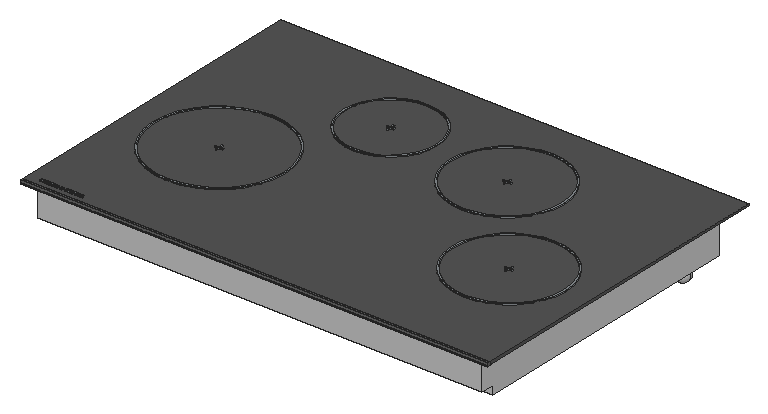
Revit family "FP_Revit_18_CI304DTB4_Cooktop_90000842B", category Specialty Equipment, Revit 2018
Family settings
  Round Connector Dimension = Use Diameter
  Part Type = Normal
  OmniClass Number = 23.40.40.14.17.11
  OmniClass Title = Cookers, Ovens, Stoves
  Work Plane-Based = No
  Always vertical = Yes
  Cut with Voids When Loaded = Yes
  Shared = No
  Room Calculation Point = No
Parameters
  Visibility - Clearance Required = yes
  URL = "www.fisherpaykel.com"
  Product - Width = 759 mm  # constant formula
  Product - Height = 99 mm  # constant formula
  Product - Depth = 530 mm  # constant formula
  Model = "CI304DTB4"
  Material - Trim = Fisher & Paykel - Aluminium, Dark
  Material - Graphics = Fisher & Paykel - Graphics Grey
  Material - Cooktop = Fisher & Paykel - Glass, Black
  Material - Body = Fisher & Paykel - Grey
  Manufacturer = "Fisher & Paykel Appliances"
  FFL Offset [instance] = 915 mm
  Description = "30\" Induction Cooktop"
  Connector Note - Electrical = "208 or 240 V, 28 A or 32 A, 60 Hz,"
  Clearance - Side of cooktop to nearest Combustible Surface = 11.5 mm  # constant formula
  Clearance - Rear of cooktop to nearest Combustible Surface = 8 mm  # constant formula
  Clearance - Overhead Rangehood = 650 mm  # constant formula
  Clearance - Overhead Non-Combustible = 610 mm  # constant formula
  Clearance - Overhead Combustible = 762 mm  # constant formula
  Clearance - Below = 95 mm  # constant formula
  Chassis - Width = 722 mm  # constant formula
  Chassis - Height = 62 mm  # constant formula
  Chassis - Depth = 480 mm  # constant formula
  Cavity - Width = 730 mm  # constant formula
  Cavity - Height = 95 mm  # constant formula
  Cavity - Depth = 490 mm  # constant formula
Reference planes
  plane 1 "Datum": y = 0
  plane 2: z = 0
  plane 3 "Center (Left/Right)": x = 0
  plane 4 "Product LHS": x = -379.5
  plane 5 "Product RHS": x = 379.5
  plane 6 "Product - Depth": y = 530
  plane 7 "Cavity LHS": x = -365
  plane 8 "Cavity RHS": x = 365
  plane 9 "Chassis - Front": y = 12.2
  plane 10 "Cavity - Depth": y = 498.7
  plane 11 "Chassis - Depth": y = 492.2
  plane 12 "Basepan": z = 853
  plane 13 "Countertop": z = 915
  plane 14 "Glass": z = 920
  plane 15 "Cavity - Front": y = 8.7
Forms (mm)
  Extrusion 1, solid, material "Fisher & Paykel - Glass, Black" <- "Material - Cooktop"
    sketch origin (0, 0, 0) x (0, 1, 0) y (0, 0, 1)
      loop
        line (5.299, 920) -> (5.299, 916) -> (530, 916) -> (530, 920) -> (5.299, 920)
    from -379.5 to 379.5
  Extrusion 2, solid, material "Fisher & Paykel - Aluminium, Dark" <- "Material - Trim", detail levels fine
    sketch origin (0, 0, 0) x (0, 1, 0) y (0, 0, 1)
      loop
        line (5.299, 920) -> (0.45, 920) -> (0, 916.5) -> (0, 915) -> (8.39, 915) -> (8.39, 916) -> (5.299, 916) -> (5.299, 920)
    from -379.5 to 379.5
  Extrusion 3, solid, material "Fisher & Paykel - Clearance Required (Cutout)", visible <- "Visibility - Clearance Required", detail levels coarse
    sketch origin (0, 0, 0) x (1, 0, 0) y (0, 1, 0)
      loop
        line (-365, 498.7) -> (-365, 8.7) -> (365, 8.7) -> (365, 498.7) -> (-365, 498.7)
    from 820 to 915
  Extrusion 4, solid, material "Fisher & Paykel - Aluminium, Dark" <- "Material - Trim", detail levels coarse+medium
    sketch origin (0, 0, 0) x (0, 1, 0) y (0, 0, 1)
      loop
        line (5.299, 920) -> (0, 920) -> (0, 915) -> (5.299, 915) -> (5.299, 920)
    from -379.5 to 379.5
  Extrusion 5, solid, material "Fisher & Paykel - Clearance Required (Combustible)", visible <- "Visibility - Clearance Required", detail levels coarse
    sketch origin (0, -0.687, 0) x (1, 0, 0) y (0, 1, 0)
      loop
        line (379.5, 0.687) -> (391, 0.687) -> (391, 538.687) -> (-391, 538.687) -> (-391, 0.687) -> (-379.5, 0.687) -> (-379.5, 530.687) -> (379.5, 530.687) -> (379.5, 0.687)
    from 920 to 1570
  Extrusion 6, solid, material "Fisher & Paykel - Clearance Required (Non-Combustible)", visible <- "Visibility - Clearance Required", detail levels coarse
    sketch origin (0, 0, 0) x (1, 0, 0) y (0, 1, 0)
      loop
        line (-379.5, 0) -> (379.5, 0) -> (379.5, 530) -> (-379.5, 530) -> (-379.5, 0)
    from 920 to 1530
  Extrusion 7, solid, material "Fisher & Paykel - Clearance Required (Rangehood)", visible <- "Visibility - Clearance Required", detail levels coarse
    sketch origin (0, 0, 0) x (1, 0, 0) y (0, 1, 0)
      loop
        line (-379.5, 530) -> (-379.5, 0) -> (379.5, 0) -> (379.5, 530) -> (-379.5, 530)
    from 1530 to 1570
  Extrusion 8, solid, material "Fisher & Paykel - Grey" <- "Material - Body"
    sketch origin (0, 0, 0) x (0, 1, 0) y (0, 0, 1)
      loop
        line (34.2, 865.8) -> (34.2, 853) -> (492.2, 853) -> (492.2, 915) -> (12.2, 915) -> (12.2, 865.8) -> (34.2, 865.8)
    from -361 to 361
  Extrusion 9, solid, material "Fisher & Paykel - Grey" <- "Material - Body"
    sketch origin (0, 0, 0) x (1, 0, 0) y (0, 1, 0)
      loop
        line (-370, 520.2) -> (-370, 8.39) -> (370, 8.39) -> (370, 520.2) -> (-370, 520.2)
    from 915 to 916
  Extrusion 10, solid, material "Fisher & Paykel - Graphics Grey" <- "Material - Graphics", detail levels fine
    sketch origin (0, 0, 0) x (1, 0, 0) y (0, 1, 0)
      loop
        circle (106.166, 381.579) r 92
      loop
        circle (106.166, 381.579) r 89.798
      loop
        circle (248.829, 207.24) r 89.797
      loop
        circle (248.829, 207.24) r 92
      loop
        circle (-234.498, 222.219) r 107
      loop
        circle (-234.498, 222.219) r 104.798
      loop
        circle (-96.947, 399.202) r 75.5
      loop
        circle (-96.947, 399.202) r 73.299
      loop
        line (-95.963, 405.445) -> (-97.931, 405.445) -> (-97.931, 400.279) -> (-103.097, 400.279) -> (-103.097, 398.311) -> (-97.931, 398.311) -> (-97.931, 393.145) -> (-95.963, 393.145) -> (-95.963, 398.311) -> (-90.797, 398.311) -> (-90.797, 400.279) -> (-95.963, 400.279) -> (-95.963, 405.445)
      loop
        line (-233.362, 228.46) -> (-235.33, 228.46) -> (-235.33, 223.293) -> (-240.496, 223.293) -> (-240.496, 221.326) -> (-235.33, 221.326) -> (-235.33, 216.16) -> (-233.362, 216.16) -> (-233.362, 221.326) -> (-228.196, 221.326) -> (-228.196, 223.293) -> (-233.362, 223.293) -> (-233.362, 228.46)
      loop
        line (249.808, 213.28) -> (247.84, 213.28) -> (247.84, 208.114) -> (242.674, 208.114) -> (242.674, 206.146) -> (247.84, 206.146) -> (247.84, 200.98) -> (249.808, 200.98) -> (249.808, 206.146) -> (254.974, 206.146) -> (254.974, 208.114) -> (249.808, 208.114) -> (249.808, 213.28)
      loop
        line (107.238, 387.85) -> (105.27, 387.85) -> (105.27, 382.684) -> (100.104, 382.684) -> (100.104, 380.716) -> (105.27, 380.716) -> (105.27, 375.55) -> (107.238, 375.55) -> (107.238, 380.716) -> (112.404, 380.716) -> (112.404, 382.684) -> (107.238, 382.684) -> (107.238, 387.85)
    from 920 to 921
  Extrusion 11, void
    sketch origin (0, 0, 0) x (1, 0, 0) y (0, 1, 0)
      loop
        line (-365, 498.7) -> (-365, 8.7) -> (365, 8.7) -> (365, 498.7) -> (-365, 498.7)
    from 820 to 915
Text (mm)
  text "Due to ongoing product development, product details are subject to change without notice. \nPlease always refer to www.fisherpaykel.com for the most current product information. \n© Fisher & Paykel 2020" at (41.04, -387.478, 0), in view "Ref. Level (Plan)"
Dimensions and locks
  equal spacing: plane 4 "Product LHS", plane 3 "Center (Left/Right)", plane 5 "Product RHS"
  "Product - Width": plane 4 "Product LHS" to plane 5 "Product RHS"
  equal spacing: plane 7 "Cavity LHS", plane 3 "Center (Left/Right)", plane 8 "Cavity RHS"
  "Cavity - Width": plane 7 "Cavity LHS" to plane 8 "Cavity RHS"
  "Product - Depth": Extrusion 1 to plane 1 "Datum"
  equal spacing: Extrusion 8, plane 3 "Center (Left/Right)", Extrusion 8
  "Chassis - Width": Extrusion 8 to Extrusion 8
  plane 1 "Datum" to plane 9 "Chassis - Front" = 12.2 mm
  "Chassis - Depth": plane 11 "Chassis - Depth" to plane 9 "Chassis - Front"
  equal spacing: Extrusion 9 sketch curve, plane 3 "Center (Left/Right)", Extrusion 9 sketch curve
  plane 4 "Product LHS" to Extrusion 9 sketch curve = 9.5 mm
  locked: plane 14 "Glass" to plane 13 "Countertop" at 5
  "Chassis - Height": plane 13 "Countertop" to plane 12 "Basepan"
  "FFL Offset": plane 13 "Countertop" to level
  locked: plane 14 "Glass" to Extrusion 1 sketch curve at 4
  locked: Extrusion 10 to plane 14 "Glass" at 1
  locked: plane 12 "Basepan" to nested 2 at 13
  locked: nested 1 to plane 14 "Glass" at 0.8
  "Clearance - Overhead Non-Combustible": plane 14 "Glass" to Extrusion 7
  "Clearance - Below": plane 13 "Countertop" to Extrusion 3
  locked: plane 1 "Datum" to plane 15 "Cavity - Front" at 8.7
  "Cavity - Depth": plane 15 "Cavity - Front" to plane 10 "Cavity - Depth"
  "Clearance - Rear of cooktop to nearest Combustible Surface": Extrusion 5 to plane 6 "Product - Depth"
  "Clearance - Side of cooktop to nearest Combustible Surface": Extrusion 5 to plane 4 "Product LHS"
  "Clearance - Side of cooktop to nearest Combustible Surface": plane 5 "Product RHS" to Extrusion 5
  "Clearance - Overhead Rangehood": Extrusion 5 to plane 14 "Glass"
  aligned and locked: level to plane 2
  aligned and locked: Extrusion 1 to plane 5 "Product RHS"
  aligned and locked: Extrusion 1 to plane 4 "Product LHS"
  aligned and locked: Extrusion 2 to plane 5 "Product RHS"
  aligned and locked: Extrusion 7 to Extrusion 6
  aligned and locked: plane 4 "Product LHS" to Extrusion 4
  aligned and locked: Extrusion 4 to plane 5 "Product RHS"
  aligned and locked: Extrusion 4 to Extrusion 1
  aligned and locked: Extrusion 1 to Extrusion 4  (x2)
  aligned and locked: Extrusion 5 sketch curve to plane 5 "Product RHS"
  aligned and locked: plane 10 "Cavity - Depth" to Extrusion 3
  aligned and locked: plane 4 "Product LHS" to Extrusion 2
  aligned and locked: Extrusion 6 to plane 14 "Glass"
  aligned and locked: Extrusion 5 to Extrusion 6
  aligned and locked: plane 13 "Countertop" to Extrusion 3
  aligned and locked: plane 13 "Countertop" to Extrusion 8 sketch curve
  aligned and locked: Extrusion 8 sketch curve to plane 12 "Basepan"
  aligned and locked: Extrusion 1 sketch curve to plane 14 "Glass"
  aligned and locked: Extrusion 9 to Extrusion 1
  aligned and locked: Extrusion 9 to Extrusion 3
  aligned and locked: Extrusion 4 to Extrusion 2
  aligned and locked: Extrusion 2 to Extrusion 1
  aligned and locked: Extrusion 1 to Extrusion 2
  aligned and locked: Extrusion 10 to Extrusion 1
  aligned and locked: Extrusion 2 to Extrusion 3
  aligned and locked: plane 13 "Countertop" to Extrusion 11
  aligned and locked: Extrusion 3 to Extrusion 11
  aligned and locked: Extrusion 5 to Extrusion 7
  aligned and locked: plane 15 "Cavity - Front" to Extrusion 11
  aligned and locked: plane 15 "Cavity - Front" to Extrusion 3
  aligned and locked: Extrusion 5 to plane 6 "Product - Depth"
Automatic sketch dimensions
  Extrusion 1 sketch curve to plane 6 "Product - Depth" = 0 mm
  Extrusion 2 sketch curve to plane 1 "Datum" = 0 mm
  Extrusion 2 sketch curve to plane 14 "Glass" = 0 mm
  Extrusion 2 sketch curve to plane 13 "Countertop" = 0 mm
  Extrusion 2 sketch curve to plane 1 "Datum" = 0.45 mm
  plane 13 "Countertop" to Extrusion 2 sketch curve = 1 mm
  plane 13 "Countertop" to Extrusion 2 sketch curve = 1.5 mm
  Extrusion 3 sketch curve to plane 10 "Cavity - Depth" = 0 mm
  plane 7 "Cavity LHS" to Extrusion 3 sketch curve = 0 mm
  Extrusion 3 sketch curve to plane 8 "Cavity RHS" = 0 mm
  Extrusion 4 sketch curve to plane 1 "Datum" = 0 mm
  Extrusion 4 sketch curve to plane 13 "Countertop" = 0 mm
  Extrusion 4 sketch curve to plane 14 "Glass" = 0 mm
  plane 1 "Datum" to Extrusion 5 sketch curve = 0 mm  (x2)
  Extrusion 5 sketch curve to plane 4 "Product LHS" = 0 mm
  Extrusion 5 sketch curve to plane 6 "Product - Depth" = 0 mm
  plane 4 "Product LHS" to Extrusion 5 sketch curve = 11.5 mm
  Extrusion 5 sketch curve to plane 5 "Product RHS" = 11.5 mm
  plane 6 "Product - Depth" to Extrusion 5 sketch curve = 8 mm
  Extrusion 6 sketch curve to plane 4 "Product LHS" = 0 mm
  Extrusion 6 sketch curve to plane 5 "Product RHS" = 0 mm
  plane 1 "Datum" to Extrusion 6 sketch curve = 0 mm
  Extrusion 6 sketch curve to plane 6 "Product - Depth" = 0 mm
  plane 1 "Datum" to Extrusion 7 sketch curve = 0 mm
  Extrusion 7 sketch curve to plane 4 "Product LHS" = 0 mm
  Extrusion 7 sketch curve to plane 5 "Product RHS" = 0 mm
  Extrusion 7 sketch curve to plane 6 "Product - Depth" = 0 mm
  Extrusion 8 sketch curve to plane 9 "Chassis - Front" = 0 mm
  Extrusion 8 sketch curve to plane 11 "Chassis - Depth" = 0 mm
  Extrusion 8 sketch curve to plane 9 "Chassis - Front" = 22 mm
  plane 12 "Basepan" to Extrusion 8 sketch curve = 12.8 mm
  Extrusion 9 sketch curve to plane 6 "Product - Depth" = 9.8 mm
  Extrusion 10 sketch curve to Extrusion 10 sketch curve = 0 mm  (x16)
  Extrusion 10 sketch curve to plane 7 "Cavity LHS" = 124.504 mm
  Extrusion 10 sketch curve to Extrusion 10 sketch curve = 5.166 mm  (x16)
  Extrusion 10 sketch curve to Extrusion 10 sketch curve = 0.832 mm
  Extrusion 10 sketch curve to Extrusion 10 sketch curve = 1.968 mm  (x9)
  Extrusion 10 sketch curve to plane 3 "Center (Left/Right)" = 103.097 mm
  Extrusion 10 sketch curve to Extrusion 10 sketch curve = 0.984 mm  (x2)
  plane 3 "Center (Left/Right)" to Extrusion 10 sketch curve = 100.104 mm
  Extrusion 10 sketch curve to Extrusion 10 sketch curve = 0.897 mm
  plane 8 "Cavity RHS" to Extrusion 10 sketch curve = 122.326 mm
  Extrusion 10 sketch curve to Extrusion 10 sketch curve = 0.989 mm
  Extrusion 10 sketch curve to Extrusion 10 sketch curve = 0.979 mm
  Extrusion 10 sketch curve to plane 9 "Chassis - Front" = 188.78 mm
  Extrusion 10 sketch curve to Extrusion 10 sketch curve = 1.094 mm
  Extrusion 10 sketch curve to plane 9 "Chassis - Front" = 203.96 mm
  Extrusion 10 sketch curve to Extrusion 10 sketch curve = 0.893 mm
  Extrusion 10 sketch curve to Extrusion 10 sketch curve = 1.075 mm  (x2)
  Extrusion 10 sketch curve to plane 11 "Chassis - Depth" = 116.65 mm
  Extrusion 10 sketch curve to Extrusion 10 sketch curve = 0.863 mm
  Extrusion 10 sketch curve to Extrusion 10 sketch curve = 1.105 mm
  Extrusion 10 sketch curve to plane 11 "Chassis - Depth" = 99.055 mm
  Extrusion 10 sketch curve to Extrusion 10 sketch curve = 0.891 mm
  Extrusion 10 sketch curve to Extrusion 10 sketch curve = 1.077 mm  (x2)
  Extrusion 11 sketch curve to plane 10 "Cavity - Depth" = 0 mm
  plane 7 "Cavity LHS" to Extrusion 11 sketch curve = 0 mm
  Extrusion 11 sketch curve to plane 8 "Cavity RHS" = 0 mm
  Extrusion 1 sketch curve to plane 1 "Datum" = 5.299 mm
  Extrusion 2 sketch curve to Extrusion 2 sketch curve = 4.85 mm
  Extrusion 2 sketch curve to Extrusion 2 sketch curve = 3.09 mm
  plane 9 "Chassis - Front" to Extrusion 3 sketch curve = 3.5 mm
  Extrusion 4 sketch curve to Extrusion 4 sketch curve = 5.299 mm
  plane 9 "Chassis - Front" to Extrusion 9 sketch curve = 3.81 mm
  plane 9 "Chassis - Front" to Extrusion 11 sketch curve = 3.5 mm
  radius of Extrusion 10 sketch curve = 92 mm  (x2)
  radius of Extrusion 10 sketch curve = 89.798 mm
  radius of Extrusion 10 sketch curve = 89.797 mm
  radius of Extrusion 10 sketch curve = 107 mm
  radius of Extrusion 10 sketch curve = 104.798 mm
  radius of Extrusion 10 sketch curve = 75.5 mm
  radius of Extrusion 10 sketch curve = 73.299 mm
Nested families
  nested 1: "F&P Logo 70mm Horizontal" at (-324.001, 14.253, 920), type "F&P Logo 70mm Horizontal"
  nested 2: "F&P Power Connection Cooktop" at (331.113, 457.612, 915), type "F&P Power Connection Cooktop"
Connectors
  electrical at (291.113, 388.531, 832.8), driven by "Connector Note - Electrical"
    settings: on nested 2, index 1, voltage 120 V, apparent load 0 VA, apparent load phase1 0 VA, apparent load phase2 0 VA, apparent load phase3 0 VA, power factor 1, load classification "Other", number of poles 2, system type 30, power factor state 1, is connector primary yes, connector utility no, sub classification motor no, connector description "208 or 240 V, 28 A or 32 A, 60 Hz,"
Definition of nested family "F&P Logo 70mm Horizontal"
  Parameters (values of type "F&P Logo 70mm Horizontal")
    URL = "www.fisherpaykel.com"
    Material - Logo = none
    Manufacturer = "Fisher & Paykel Appliances"
  Reference planes
    plane 1 "Center (Front/Back)": y = 0
    plane 2: z = 0
    plane 3 "Center (Left/Right)": x = 0
  Forms (mm)
    Extrusion 1, solid, material <- "Material - Logo", detail levels fine
      sketch origin (0, 0, 0) x (1, 0, 0) y (0, 1, 0)
        loop
          line (-34.997, -0.356) -> (-33.895, -0.356) -> (-33.895, 1.141) -> (-32.174, 1.141) -> (-32.174, 2.075) -> (-33.895, 2.075) -> (-33.895, 2.943) -> (-32.023, 2.943) -> (-32.023, 3.872) -> (-34.997, 3.872) -> (-34.997, -0.356)
        loop
          line (-29.929, 3.872) -> (-29.929, -0.356) -> (-28.828, -0.356) -> (-28.828, 3.872) -> (-29.929, 3.872)
        loop
          line (-21.473, 3.872) -> (-21.473, -0.356) -> (-20.372, -0.356) -> (-20.372, 1.338) -> (-18.754, 1.338) -> (-18.754, -0.356) -> (-17.652, -0.356) -> (-17.652, 3.872) -> (-18.754, 3.872) -> (-18.754, 2.268) -> (-20.372, 2.268) -> (-20.372, 3.872) -> (-21.473, 3.872)
        loop
          line (-15.301, 3.872) -> (-15.301, -0.356) -> (-12.288, -0.356) -> (-12.288, 0.444) -> (-14.209, 0.444) -> (-14.209, 1.338) -> (-12.453, 1.338) -> (-12.453, 2.268) -> (-14.209, 2.268) -> (-14.209, 3.072) -> (-12.288, 3.072) -> (-12.288, 3.872) -> (-15.301, 3.872)
        loop
          line (32, 3.872) -> (32, -0.356) -> (35.003, -0.356) -> (35.003, 0.574) -> (33.102, 0.574) -> (33.102, 3.872) -> (32, 3.872)
        loop
          line (29.735, 3.872) -> (26.712, 3.872) -> (26.712, -0.356) -> (29.735, -0.356) -> (29.735, 0.444) -> (27.814, 0.444) -> (27.814, 1.338) -> (29.57, 1.338) -> (29.57, 2.268) -> (27.814, 2.268) -> (27.814, 3.072) -> (29.735, 3.072) -> (29.735, 3.872)
        loop
          line (23.449, 1.848) -> (25.012, 3.872) -> (23.724, 3.872) -> (22.374, 2.124) -> (22.374, 3.872) -> (21.273, 3.872) -> (21.273, -0.356) -> (22.374, -0.356) -> (22.374, 1.538) -> (23.765, -0.356) -> (25.067, -0.356) -> (23.449, 1.848)
        loop
          line (15.42, 3.872) -> (17.017, 1.338) -> (17.017, -0.356) -> (18.119, -0.356) -> (18.119, 1.283) -> (19.717, 3.872) -> (18.546, 3.872) -> (17.603, 2.239) -> (16.66, 3.872) -> (15.42, 3.872)
        loop
          line (12.969, 3.872) -> (11.922, 3.872) -> (10.2, -0.356) -> (11.282, -0.356) -> (11.585, 0.422) -> (13.278, 0.422) -> (13.581, -0.356) -> (14.69, -0.356) -> (12.969, 3.872)
        loop
          line (12.913, 1.352) -> (12.419, 2.566) -> (11.946, 1.352) -> (12.913, 1.352)
        loop
          line (5.556, 3.872) -> (5.556, -0.356) -> (6.653, -0.356) -> (6.653, 1.001) -> (7.453, 1.001)
          spline (7.453, 1.001) -> (7.884, 1.05) -> (8.285, 1.193) -> (8.63, 1.421) -> (8.895, 1.719) -> (9.061, 2.065) -> (9.118, 2.436) -> (9.061, 2.808) -> (8.895, 3.154) -> (8.63, 3.452) -> (8.285, 3.68) -> (7.884, 3.823) -> (7.453, 3.872)
          line (7.453, 3.872) -> (5.556, 3.872)
        loop
          spline (7.385, 1.882) -> (7.558, 1.9) -> (7.72, 1.953) -> (7.858, 2.037) -> (7.965, 2.147) -> (8.032, 2.275) -> (8.055, 2.412) -> (8.032, 2.55) -> (7.965, 2.677) -> (7.858, 2.787) -> (7.72, 2.872) -> (7.558, 2.924) -> (7.385, 2.943)
          line (7.385, 2.943) -> (6.585, 2.943) -> (6.585, 1.882) -> (7.385, 1.882)
        loop
          line (-8.294, 2.943) -> (-9.094, 2.943) -> (-9.094, 1.781) -> (-8.294, 1.781)
          spline (-8.294, 1.781) -> (-8.121, 1.801) -> (-7.96, 1.859) -> (-7.822, 1.951) -> (-7.716, 2.072) -> (-7.649, 2.212) -> (-7.626, 2.362) -> (-7.649, 2.512) -> (-7.716, 2.652) -> (-7.822, 2.772) -> (-7.96, 2.865) -> (-8.121, 2.923) -> (-8.294, 2.943)
        loop
          line (-8.214, 3.872) -> (-10.262, 3.872) -> (-10.262, -0.356) -> (-9.094, -0.356) -> (-9.094, 0.492) -> (-8.294, 0.492) -> (-7.647, -0.356) -> (-6.373, -0.356) -> (-7.445, 1.016)
          spline (-7.445, 1.016) -> (-7.148, 1.205) -> (-6.902, 1.45) -> (-6.72, 1.739) -> (-6.611, 2.058) -> (-6.58, 2.391) -> (-6.628, 2.723) -> (-6.754, 3.037) -> (-6.95, 3.317) -> (-7.208, 3.551) -> (-7.515, 3.726) -> (-7.856, 3.835) -> (-8.214, 3.872)
        loop
          line (0.368, 2.943) -> (0.368, 3.951) -> (-2.559, 3.951) -> (-2.559, 3.151) -> (-2.048, 2.522)
          spline (-2.048, 2.522) -> (-2.373, 2.187) -> (-2.606, 1.789) -> (-2.731, 1.355) -> (-2.74, 0.914) -> (-2.632, 0.497) -> (-2.414, 0.133) -> (-2.102, -0.155) -> (-1.716, -0.347) -> (-1.283, -0.429) -> (-0.832, -0.395) -> (-0.395, -0.249) -> (0, 0)
          line (0, 0) -> (0.504, -0.621) -> (1.644, -0.621) -> (0.602, 0.712) -> (1.591, 2.137) -> (0.459, 2.137) -> (0.003, 1.48) -> (-1.14, 2.943) -> (0.368, 2.943)
        loop
          spline (-1.353, 1.874) -> (-1.563, 1.673) -> (-1.729, 1.449) -> (-1.839, 1.217) -> (-1.886, 0.992) -> (-1.867, 0.792) -> (-1.783, 0.627) -> (-1.639, 0.511) -> (-1.447, 0.451) -> (-1.218, 0.451) -> (-0.968, 0.512) -> (-0.714, 0.628) -> (-0.475, 0.792)
          line (-0.475, 0.792) -> (-1.353, 1.874)
        loop
          arc (-25.449, 3.004) -> (-24.591, 2.949) -> (-23.808, 2.592) r 2.379
          line (-23.808, 2.592) -> (-23.808, 3.586)
          arc (-23.808, 3.586) -> (-24.619, 3.915) -> (-25.494, 3.936) r 2.437
          arc (-25.494, 3.936) -> (-26.617, 2.99) -> (-26.18, 1.588) r 1.327
          arc (-26.18, 1.588) -> (-25.746, 1.367) -> (-25.276, 1.236) r 2.46
          spline (-25.276, 1.236) -> (-25.124, 1.211) -> (-24.98, 1.158) -> (-24.856, 1.083) -> (-24.761, 0.989) -> (-24.703, 0.886) -> (-24.686, 0.78) -> (-24.713, 0.681) -> (-24.78, 0.596) -> (-24.882, 0.532) -> (-25.011, 0.494) -> (-25.158, 0.485) -> (-25.311, 0.505)
          arc (-25.311, 0.505) -> (-26.045, 0.647) -> (-26.714, 0.98) r 2.761
          line (-26.714, 0.98) -> (-26.714, -0.067)
          arc (-26.714, -0.067) -> (-25.66, -0.377) -> (-24.564, -0.318) r 3.237
          arc (-24.564, -0.318) -> (-23.597, 0.72) -> (-24.205, 2.002) r 1.263
          arc (-24.205, 2.002) -> (-24.834, 2.249) -> (-25.488, 2.42) r 5.78
          spline (-25.488, 2.42) -> (-25.537, 2.449) -> (-25.58, 2.49) -> (-25.615, 2.541) -> (-25.639, 2.6) -> (-25.653, 2.664) -> (-25.654, 2.73) -> (-25.644, 2.795) -> (-25.622, 2.856) -> (-25.59, 2.909) -> (-25.549, 2.953) -> (-25.502, 2.985) -> (-25.449, 3.004)
      from 0 to 0.8
  Dimensions and locks
    Extrusion 1 sketch curve to Extrusion 1 sketch curve = 70 mm
    aligned and locked: level to plane 2
Definition of nested family "F&P Power Connection Cooktop"
  Parameters (values of type "F&P Power Connection Cooktop")
    URL = "www.fisherpaykel.com"
    Model = ""
    Material - Body = none
    Manufacturer = "Fisher & Paykel Appliances"
    Description = ""
  Reference planes
    plane 1 "Center (Front/Back)": y = 0
    plane 2: z = 0
    plane 3 "Center (Left/Right)": x = 0
  Forms (mm)
    Extrusion 1, solid, material <- "Material - Body"
      sketch origin (-399.3, -461.987, 0) x (1, 0, 0) y (0, 1, 0)
        loop
          line (371.3, 470.923) -> (371.3, 477.382)
          arc (371.3, 477.382) -> (365.3, 483.382) -> (359.3, 477.382) r 6
          line (359.3, 477.382) -> (359.3, 470.923) -> (371.3, 470.923)
        loop
          circle (365.3, 477.382) r 2
        loop
          line (371.3, 453.05) -> (359.3, 453.05) -> (359.3, 446.592)
          arc (359.3, 446.592) -> (365.3, 440.592) -> (371.3, 446.592) r 6
          line (371.3, 446.592) -> (371.3, 453.05)
        loop
          circle (365.3, 446.592) r 2
      from -85 to -75
    Revolve 2, solid, material <- "Material - Body"
      sketch origin (-399.3, 0, 0) x (1, 0, 0) y (0, 0, 1)
        loop
          line (359.3, -70.404) -> (359.3, -82.2) -> (411.196, -82.2)
          arc (411.196, -82.2) -> (407.741, -73.859) -> (399.4, -70.404) r 11.796
          line (399.4, -70.404) -> (359.3, -70.404)
        axis (359.3, -82.2) -> (411.196, -82.2)
      angle from 0 to 360
    Revolve 3, solid, material <- "Material - Body"
      sketch origin (-399.3, 0, 0) x (1, 0, 0) y (0, 0, 1)
        loop
          line (410.3, -62) -> (399.3, -62) -> (399.3, -82.2) -> (410.3, -82.2) -> (410.3, -62)
        axis (399.3, -62) -> (399.3, -82.2)
      angle from 0 to 360
    Sweep 4, solid, material <- "Material - Body"
      path origin (-399.3, -461.987, 0) x (1, 0, 0) y (0, 1, 0)
        loop
          line (359.3, 392.906) -> (280.841, 392.906)
          arc (280.841, 392.906) -> (222.158, 372.738) -> (188.271, 320.757) r 95.459
          arc (188.271, 320.757) -> (14.034, 258.449) -> (22.747, 443.286) r 111.355
          arc (22.747, 443.286) -> (55.057, 457.224) -> (89.922, 461.987) r 130
          line (89.922, 461.987) -> (359.3, 461.987)
      profile origin (-174.689, 0, 0) x (0, 1, 0) y (0, 0, 1)
        loop
          circle (0, -82.2) r 11
    Extrusion 5, solid, material <- "Material - Body", detail levels medium+fine
      sketch origin (-170.063, -461.987, 0) x (0, 1, 0) y (0, 0, 1)
        loop
          circle (392.954, -77.981) r 3
        loop
          circle (388.579, -82.669) r 3
        loop
          circle (397.329, -82.669) r 3
        loop
          circle (392.954, -87.356) r 3
      from 160 to 130.063
  Cuts and joins
    joined: Extrusion 1, Revolve 2, Revolve 3
  Text (mm)
    text "Due to ongoing product development, product details are subject to change without notice. \nPlease always refer to www.fisherpaykel.com for the most current product information. \n© Fisher & Paykel 2020" at (41.04, -387.478, 0), in view "Ref. Level (Plan)"
  Dimensions and locks
    aligned and locked: level to plane 2
